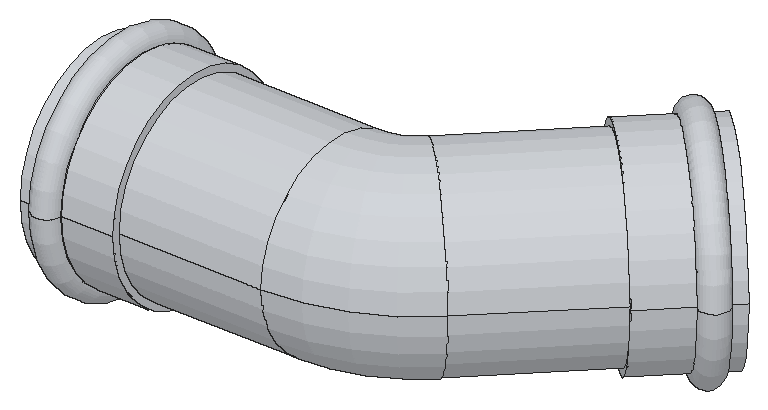
Revit family "PipeFitting_Elbow_PressWater-B_Conex_25-50mm", category Pipe Fittings, Revit 2019
Family settings
  Round Connector Dimension = Use Diameter
  Part Type = Elbow
  OmniClass Number = 23.60.30.11.14
  OmniClass Title = Pipework Fittings
  Work Plane-Based = No
  Always vertical = Yes
  Cut with Voids When Loaded = No
  Shared = No
Parameters (values of type "Standard")
  Z [instance] = size_lookup(Lookup Table Name, "Z", NominalDiameter, NominalDiameter, Angle)  # 18 mm
  Weight_KG/Ea [instance] = size_lookup(Lookup Table Name, "WT", 0, NominalDiameter, Angle)  # 0
  Uniformat IIElements = "TBC"
  URL = "http://www.conexbanninger.com.au/"
  Type Comments = "TBC"
  TickSize [instance] = NominalDiameter  # 18 mm
  SerialNumber [instance] = ""
  SealRingLength [instance] = SocketDepth * 0.4  # 3.6 mm
  SealRingDiameter [instance] = NominalDiameter * 1.2  # 21.6 mm
  RingThickness = 2.7 mm  # constant formula
  RingAlignment [instance] = Z + ((L - Z) * 0.5625)  # 23.063 mm
  RingRadius [instance] = RingThickness / 2  # 1.35 mm
  ProductCode [instance] = if(and(NominalDiameter = 15 mm, Angle = 90.00°), "PS 5002 0150000", if(and(NominalDiameter = 18 mm, Angle = 90.00°), "PS 5002 0180000", if(and(NominalDiameter = 22 mm, Angle = 90.00°), "PS 5002 0220000", if(and(NominalDiameter = 28 mm, Angle = 90.00°), "PS 5002 0280000", if(and(NominalDiameter = 35 mm, Angle = 90.00°), "PS 5002 0350000", if(and(NominalDiameter = 42 mm, Angle = 90.00°), "PS 5002 0420000", if(and(NominalDiameter = 54 mm, Angle = 90.00°), "PS 5002 0540000", if(and(NominalDiameter = 15 mm, Angle = 45.00°), "PS 5041 0150400", if(and(NominalDiameter = 18 mm, Angle = 45.00°), "PS 5041 0180400", if(and(NominalDiameter = 22 mm, Angle = 45.00°), "PS 5041 0220600", if(and(NominalDiameter = 28 mm, Angle = 45.00°), "PS 5041 0280800", if(and(NominalDiameter = 35 mm, Angle = 45.00°), "PS 5041 0351000", if(and(NominalDiameter = 42 mm, Angle = 45.00°), "PS 5041 0421200", if(and(NominalDiameter = 54 mm, Angle = 45.00°), "PS 5041 0541600", "ProductCode NA"))))))))))))))  # "PS 5041 0180400"
  Product Code [instance] = size_lookup(Lookup Table Name, "", "NA", NominalDiameter, Angle)  # "NA"
  OmniclassProducts = "TBC"
  NominalRadius [instance] = NominalDiameter / 2  # 9 mm
  NominalDiameter [instance] = 18 mm
  NATSPECWorkSection = "TBC"
  ModifiedIssue_ANZRS = 20161226.54  # constant formula
  Model Version = "2015"
  Model Status [instance] = ""
  Model Specification = "BMA"
  Model = "90° Bend & 45° Obtuse Bend"  # constant formula
  Material = none
  Mark [instance] = ""
  Manufacturer = "Conex | Bänninger"  # constant formula
  Loss Method = K Coefficient from Table
  Lookup Table Name = "Elbow_PressWater-B_Conex_25-50mm"
  SocketDepth [instance] = L - Z  # 9 mm
  L [instance] = size_lookup(Lookup Table Name, "L", 1.5 * NominalDiameter, NominalDiameter, Angle)  # 27 mm
  K Coefficient Table = "Regular 45, 90 and 180 Elbow"
  built-in parameter 1114238 [instance] = not(0 mm < size_lookup(Lookup Table Name, "L", 0 mm, NominalDiameter, Angle))  # 1
  FittingOutsideRadius [instance] = FittingOutsideDiameter / 2  # 9.9 mm
  FittingOutsideDiameter [instance] = NominalDiameter * 1.1  # 19.8 mm
  FittingAngle [instance] = Angle  # 45.00°
  FinalHHWFlow [instance] = 0.0 L/s
  ElbowDiameter [instance] = NominalDiameter * 1.025  # 18.45 mm
  Description = ">B< Press Inox is a quick and simple to install flame-free fitting, manufactured using high quality hygienic stainless steel materials, suitable for multiple applications."  # constant formula
  CustomFitting [instance] = not(0 mm < size_lookup(Lookup Table Name, "L", 0 mm, NominalDiameter, Angle))  # yes
  CreatedByURL_ANZRS = "http://www.bimmepaus.com.au/"
  CreatedBy = "A2K Technologies"  # constant formula
  ConnectorTolerance = 2.00°
  ConnectorAngle [instance] = 45.00°
  CenterRadius [instance] = if(Angle = 45.00°, NominalDiameter / 2 + 1 mm, Z)  # 10 mm
  CenterEnd [instance] = CenterRadius * tan(FittingAngle / 2)  # 4.142 mm
  Assembly Code = "D2090800"
  Angle [instance] = if(and(ConnectorAngle < 45.00° + ConnectorTolerance, ConnectorAngle > 45.00° - ConnectorTolerance), 45.00°, if(and(ConnectorAngle < 90.00° + ConnectorTolerance, ConnectorAngle > 90.00° - ConnectorTolerance), 90.00°, if(and(ConnectorAngle < 5.00° + ConnectorTolerance, ConnectorAngle > 5.00° - ConnectorTolerance), 5.00°, if(and(ConnectorAngle < 15.00° + ConnectorTolerance, ConnectorAngle > 15.00° - ConnectorTolerance), 15.00°, if(and(ConnectorAngle < 30.00° + ConnectorTolerance, ConnectorAngle > 30.00° - ConnectorTolerance), 30.00°, if(and(ConnectorAngle < 60.00° + ConnectorTolerance, ConnectorAngle > 60.00° - ConnectorTolerance), 60.00°, ConnectorAngle))))))  # 45.00°
  2DLineLength [instance] = L - SocketDepth  # 18 mm
Reference planes
  plane 1 "Center (Front/Back)": y = 0
  plane 2: z = 0
  plane 3 "Center (Left/Right)": x = 0
  plane 4: x = -27
  plane 5: x = -18
  plane 6 "RingCenter": x = -96.142
  plane 7: x = -23.062
Forms (mm)
  Sweep 1, solid, material <- "Material", detail levels fine
    path origin (0, 0, 0) x (1, 0, 0) y (0, 1, 0)
      loop
        line (19.092, 19.092) -> (12.728, 12.728)
    profile origin (15.91, 15.91, 0) x (0.707107, -0.707107, 0) y (0, 0, 1)
      loop
        circle (0, 0) r 9.9
  Extrusion 2, solid, material <- "Material", detail levels fine
    sketch origin (0, 0, 0) x (0, 1, 0) y (0, 0, 1)
      loop
        circle (0, 0) r 9.9
    from -27 to -18
  Sweep 3, solid, material <- "Material", detail levels fine
    path origin (0, 0, 0) x (1, 0, 0) y (0, 1, 0)
      loop
        line (19.092, 19.092) -> (2.929, 2.929)
        arc (2.929, 2.929) -> (-0.315, 0.761) -> (-4.142, 0) r 10
        line (-4.142, 0) -> (-27, 0)
    profile origin (-0.315, 0.761, 0) x (0.382683, -0.92388, 0) y (0, 0, 1)
      loop
        circle (0, 0) r 9.225
  Revolve 4, solid, material <- "Material", detail levels fine
    sketch origin (0, 0, 0) x (1, 0, 0) y (0, 1, 0)
      loop
        line (16.308, 16.308) -> (18.217, 18.217) -> (11.216, 25.217)
        arc (11.216, 25.217) -> (9.307, 25.217) -> (9.307, 23.308) r 1.35
        line (9.307, 23.308) -> (16.308, 16.308)
      axis (16.308, 16.308) -> (18.217, 18.217)
    angle from 0 to 360
  Revolve 5, solid, material <- "Material", detail levels fine
    sketch origin (0, 0, 0) x (1, 0, 0) y (0, 1, 0)
      loop
        line (-23.062, 0) -> (-23.062, 9.9)
        arc (-23.062, 9.9) -> (-24.412, 11.25) -> (-25.762, 9.9) r 1.35
        line (-25.762, 9.9) -> (-25.762, 0) -> (-23.062, 0)
      axis (-25.762, 0) -> (-23.062, 0)
    angle from 0 to 360
Cuts and joins
  joined: Sweep 1, Extrusion 2, Sweep 3
Lines and regions (mm)
  model lines, detail levels coarse+medium
    curve 1: line (-18, 0, 0) -> (0, 0, 0)
    curve 2: line (-27, 9, 0) -> (-18, 9, 0)
    curve 3: line (-27, -9, 0) -> (-18, -9, 0)
    curve 4: line (-18, 9, 0) -> (-18, -9, 0)
    curve 5: line (0, 0, 0) -> (12.728, 12.728, 0)
    curve 6: line (6.364, 19.092, 0) -> (19.092, 6.364, 0)
    curve 7: line (19.092, 6.364, 0) -> (25.456, 12.728, 0)
    curve 8: line (6.364, 19.092, 0) -> (12.728, 25.456, 0)
Dimensions and locks
  "L": plane 4 to plane 3 "Center (Left/Right)"
  locked: profile plane to Sweep 1 sketch curve at 0
  locked: profile plane to Sweep 1 sketch curve
  locked: plane 1 "Center (Front/Back)" to Extrusion 2 sketch curve
  locked: plane 2 to Extrusion 2 sketch curve
  "SocketDepth": plane 4 to plane 5
  equal spacing: curve 3, plane 1 "Center (Front/Back)", curve 2
  "TickSize": curve 3 to curve 2
  "SocketDepth": Sweep 1 sketch curve to Sweep 1 sketch curve
  "CenterEnd": Sweep 3 sketch curve to plane 3 "Center (Left/Right)"
  "CenterRadius": plane 1 "Center (Front/Back)" to Sweep 3 sketch curve
  locked: plane 3 "Center (Left/Right)" to Sweep 3 sketch curve at 0
  plane 3 "Center (Left/Right)" to Sweep 3 sketch curve = 27 mm
  "L": curve 1 to Sweep 3 sketch curve
  locked: plane 3 "Center (Left/Right)" to Sweep 1 sketch curve
  "L": plane 3 "Center (Left/Right)" to Sweep 1 sketch curve
  "2DLineLength": curve 1 to curve 6
  locked: curve 1 to curve 5
  equal spacing: curve 7, curve 5, curve 8
  "SocketDepth": curve 8 to curve 8
  "SocketDepth": curve 7 to curve 7
  "TickSize": curve 7 to curve 8
  "RingThickness": Revolve 4 sketch curve to Revolve 4 sketch curve
  "FittingOutsideRadius": Revolve 4 sketch curve to Revolve 4 sketch curve  (x3)
  locked: curve 1 to Revolve 4 sketch curve
  locked: Revolve 4 sketch curve to curve 1 at 0
  "RingAlignment": Revolve 4 sketch curve to curve 5
  "RingAlignment": plane 7 to plane 3 "Center (Left/Right)"
  "RingThickness": Revolve 5 sketch curve to plane 7
  "FittingOutsideRadius": plane 1 "Center (Front/Back)" to Revolve 5 sketch curve
  "FittingOutsideRadius": radius of Sweep 1 sketch curve
  "FittingOutsideRadius": radius of Extrusion 2 sketch curve
  "CenterRadius": radius of Sweep 3 sketch curve
  "ElbowDiameter": diameter of Sweep 3 sketch curve
  "ConnectorAngle": angle plane 1 "Center (Front/Back)" to Sweep 1 sketch curve
  "ConnectorAngle": angle Sweep 3 sketch curve to Sweep 3 sketch curve
  "ConnectorAngle": angle plane 1 "Center (Front/Back)" to Sweep 3 sketch curve
  "ConnectorAngle": angle plane 1 "Center (Front/Back)" to curve 5
  locked: curve 5 to curve 6 (angle 90.00°)
  "ConnectorAngle": angle plane 1 "Center (Front/Back)" to curve 7
  "ConnectorAngle": angle plane 1 "Center (Front/Back)" to curve 8
  "ConnectorAngle": angle plane 1 "Center (Front/Back)" to Revolve 4 sketch curve  (x2)
  locked: Revolve 4 sketch curve to Revolve 4 sketch curve (angle 90.00°)  (x2)
  aligned and locked: level to plane 2
  aligned and locked: plane 1 "Center (Front/Back)" to curve 1
  aligned and locked: Extrusion 2 to plane 4
  aligned and locked: plane 5 to curve 1
  aligned and locked: plane 4 to curve 2
  aligned and locked: plane 4 to curve 3
  aligned and locked: curve 2 to curve 4
  aligned and locked: curve 3 to curve 4
  aligned and locked: curve 4 to plane 5
  aligned and locked: plane 5 to Extrusion 2
  aligned and locked: level to Sweep 3 sketch curve
  aligned and locked: plane 4 to Sweep 3 sketch curve
  aligned and locked: Revolve 5 sketch curve to plane 7
  aligned and locked: Revolve 5 sketch curve to plane 1 "Center (Front/Back)"
  aligned and locked: plane 1 "Center (Front/Back)" to Revolve 5 sketch curve
  aligned and locked: nested 1 to plane 5
  aligned and locked: plane 1 "Center (Front/Back)" to nested 1
Automatic sketch dimensions
  curve 1 to plane 3 "Center (Left/Right)" = 0 mm
  Sweep 3 sketch curve to profile plane = 0 mm
  Revolve 4 sketch curve to plane 1 "Center (Front/Back)" = 2.814 mm
  Revolve 5 sketch curve to plane 5 = 2.141 mm
  plane 5 to Revolve 5 sketch curve = 5.272 mm
Nested families
  nested 1: "Elbow S" at (0, 0, 0), type "Elbow S", detail levels coarse
Connectors
  piping at (-18, 0, 0), diameter 18, driven by "NominalDiameter", driven by "ConnectorAngle"
    settings: on Extrusion 2, index 1, connector inside diameter 609.6 mm, connector length 0 mm, flow factor 0, pipe flow 0.0 L/s, pressure drop 0.0 Pa, fitting loss kfactor 0, connector angle 45.00°, fixture units 0, engagement length 0 mm, angle of deflection 0.00°, flow configuration 0, flow direction 0, fitting loss method 0, system type 28, joint type 0, gender type 0, connector reference index 2, connector utility 0, adjustable connector yes, is connector primary yes, connector description ""
  piping at (12.728, 12.728, 0), diameter 18, driven by "NominalDiameter", driven by "ConnectorAngle"
    settings: on Sweep 1, index 2, connector inside diameter 609.6 mm, connector length 0 mm, flow factor 0, pipe flow 0.0 L/s, pressure drop 0.0 Pa, fitting loss kfactor 0, connector angle 45.00°, fixture units 0, engagement length 0 mm, angle of deflection 0.00°, flow configuration 0, flow direction 0, fitting loss method 0, system type 28, joint type 0, gender type 0, connector reference index 1, connector utility 0, adjustable connector yes, is connector primary no, connector description ""
Definition of nested family "Elbow S"
  Parameters (values of type "Elbow S")
    calcCenterRadius = if(Angle = 45.00°, 35 mm, NominalDiameter * 1.1)  # 35 mm
    Z = 19 mm
    NominalDiameter = 18 mm
    CenterRadius = 39.526 mm
    Angle = 45.00°
  Reference planes
    plane 1 "Center (Front/Back)": y = 0
    plane 2: z = 0
    plane 3 "Center (Left/Right)": x = 0
    plane 4: through (0, 0, 1200) normal (-0.7071, 0.7071, 0)
    plane 5: x = -19
  Lines and regions (mm)
    model lines
      curve 1: line (-19, 9, 0) -> (-19, -9, 0)
      curve 2: line (7.071, 19.799, 0) -> (19.799, 7.071, 0)
      curve 3: line (-19, 0, 0) -> (-18, 0, 0)
      curve 4: line (13.435, 13.435, 0) -> (12.728, 12.728, 0)
      curve 5: arc (-18, 0, 0) -> (-1.37, 3.308, 0) -> (12.728, 12.728, 0) r 43.456
  Dimensions and locks
    "Z": plane 5 to plane 3 "Center (Left/Right)"
    "Z": plane 3 "Center (Left/Right)" to curve 2
    "NominalDiameter": curve 2 to curve 2
    "NominalDiameter": curve 1 to curve 1
    equal spacing: curve 1, plane 1 "Center (Front/Back)", curve 1
    equal spacing: curve 2, plane 4, curve 2
    angle curve 2 to plane 4 = 90.00°
    "Angle": angle plane 1 "Center (Front/Back)" to plane 4
    aligned and locked: level to plane 2
    aligned and locked: curve 1 to plane 5
  Automatic sketch dimensions
    plane 1 "Center (Front/Back)" to curve 5 = 0 mm
    curve 5 to plane 4 = 0 mm
    curve 4 to plane 4 = 0 mm
    plane 5 to curve 5 = 1 mm
